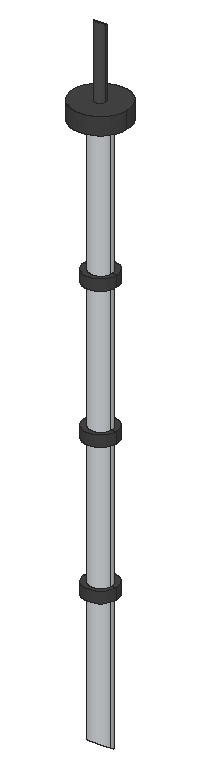
Revit family
Parameters (values of type "25mm")
  built-in parameter 1008623 [instance] = 32.47°
  built-in parameter 1008625 [instance] = (empty or 0)
  Post = no
  built-in parameter 1008624 [instance] = 32.47°
  난간동자 재료 = none
  built-in parameter 1008622 [instance] = 762 mm
Reference planes
  plane 1 "중심 F/B": y = 0
  plane 2: z = 0
  plane 3 "중심 L/R": x = 0
  plane 4 "상단": z = 762
  plane 5 "상단 절단 각도": through (0, 345.134, 542.379) normal (0, -0.5369, -0.8437)
  plane 6: z = 862
  plane 7: z = 660.4
  plane 8: z = 495.3
  plane 9: z = 330.2
  plane 10: z = 165.1
  plane 11: z = 680.4
  plane 12: z = -100
  plane 13 "하단 절단 각도": through (0, 0, 0) normal (0, -0.5369, -0.8437)
  plane 14: y = 50
  plane 15: x = 50
  plane 16: y = -50
  plane 17: x = -50
Forms (mm)
  Extrusion 1, solid, material <- "난간동자 재료"
    sketch origin (0, 0, 0) x (1, 0, 0) y (0, 1, 0)
      loop
        circle (0, 0) r 12.7
    from -100 to 660.4
  Extrusion 2, solid, material "금속 - 크롬"
    sketch origin (0, 0, 0) x (1, 0, 0) y (0, 1, 0)
      loop
        circle (0, 0) r 6.04
    from 680.4 to 862
  Extrusion 3, solid, material "검은색 - 광택"
    sketch origin (0, 0, 0) x (1, 0, 0) y (0, 1, 0)
      loop
        circle (0, 0) r 31.75
    from 660.4 to 680.4
  Revolve 4, solid, material "검은색 - 광택"
    sketch origin (0, 0, 0) x (1, 0, 0) y (0, 0, 1)
      loop
        line (-12.7, 501.65) -> (-19.05, 501.65) -> (-19.05, 488.95) -> (-12.7, 488.95) -> (-12.7, 501.65)
      loop
        line (-12.7, 336.55) -> (-19.05, 336.55) -> (-19.05, 323.85) -> (-12.7, 323.85) -> (-12.7, 336.55)
      loop
        line (-12.7, 171.45) -> (-19.05, 171.45) -> (-19.05, 158.75) -> (-12.7, 158.75) -> (-12.7, 171.45)
      axis (0, 158.75) -> (0, 501.65)
    angle from 0 to 360
  Extrusion 5, void
    sketch origin (0, 0, 0) x (0, 1, 0) y (0, 0, 1)
      loop
        line (-50, 862) -> (-50, 793.817) -> (50, 730.183) -> (50, 862) -> (-50, 862)
    from -50 to 50
  Extrusion 6, void
    sketch origin (0, 0, 0) x (0, 1, 0) y (0, 0, 1)
      loop
        line (-50, 31.817) -> (-50, -100) -> (50, -100) -> (50, -31.817) -> (-50, 31.817)
    from -50 to 50
Cuts and joins
  Extrusion 5, Extrusion 6 cuts Extrusion 1
  Extrusion 5, Extrusion 6 cuts Extrusion 2
  Extrusion 5, Extrusion 6 cuts Extrusion 3
  Extrusion 5, Extrusion 6 cuts Revolve 4
Dimensions and locks
  "built-in parameter 1008622": plane 2 to plane 4 "상단"
  locked: plane 4 "상단" to plane 6 at 100
  locked: plane 4 "상단" to plane 7 at 101.6
  equal spacing: plane 7, plane 8, plane 9, plane 10, plane 2
  locked: plane 11 to plane 7 at 20
  Revolve 4 sketch curve to plane 8 to Revolve 4 sketch curve = 6.35 mm locked, 6.35 mm locked
  Revolve 4 sketch curve to plane 9 to Revolve 4 sketch curve = 6.35 mm locked, 6.35 mm locked
  Revolve 4 sketch curve to plane 10 to Revolve 4 sketch curve = 6.35 mm locked, 6.35 mm locked
  locked: plane 12 to level at 100
  locked: plane 17 to plane 3 "중심 L/R" at 50
  locked: plane 3 "중심 L/R" to plane 15 at 50
  locked: plane 1 "중심 F/B" to plane 14 at 50
  locked: plane 16 to plane 1 "중심 F/B" at 50
  "built-in parameter 1008623": angle plane 4 "상단" to plane 5 "상단 절단 각도"
  "built-in parameter 1008624": angle level to plane 13 "하단 절단 각도"
  aligned and locked: Extrusion 2 to plane 6
  aligned and locked: plane 11 to Extrusion 3
  aligned and locked: Extrusion 2 to plane 11
  aligned and locked: Extrusion 3 to plane 7
  aligned and locked: plane 7 to Extrusion 1
  aligned and locked: plane 12 to Extrusion 1
  aligned and locked: Extrusion 5 sketch curve to plane 6
  aligned and locked: plane 16 to Extrusion 5 sketch curve
  aligned and locked: Extrusion 5 sketch curve to plane 14
  aligned and locked: plane 5 "상단 절단 각도" to Extrusion 5 sketch curve
  aligned and locked: plane 17 to Extrusion 5
  aligned and locked: Extrusion 5 to plane 15
  aligned and locked: plane 16 to Extrusion 6 sketch curve
  aligned and locked: plane 12 to Extrusion 6 sketch curve
  aligned and locked: Extrusion 6 sketch curve to plane 14
  aligned and locked: Extrusion 6 sketch curve to plane 13 "하단 절단 각도"
  aligned and locked: plane 17 to Extrusion 6
  aligned and locked: Extrusion 6 to plane 15
Automatic sketch dimensions
  Extrusion 1 sketch curve to plane 1 "중심 F/B" = 0 mm
  Extrusion 1 sketch curve to plane 3 "중심 L/R" = 0 mm
  Extrusion 1 sketch curve to plane 3 "중심 L/R" = 12.7 mm
  Extrusion 2 sketch curve to plane 1 "중심 F/B" = 0 mm
  Extrusion 2 sketch curve to plane 3 "중심 L/R" = 0 mm
  Extrusion 2 sketch curve to plane 3 "중심 L/R" = 6.04 mm
  Extrusion 3 sketch curve to plane 1 "중심 F/B" = 0 mm
  Extrusion 3 sketch curve to plane 3 "중심 L/R" = 0 mm
  Extrusion 3 sketch curve to plane 3 "중심 L/R" = 31.75 mm
  Revolve 4 sketch curve to plane 3 "중심 L/R" = 0 mm
  Revolve 4 sketch curve to plane 3 "중심 L/R" = 19.05 mm  (x3)
  Revolve 4 sketch curve to Revolve 4 sketch curve = 6.35 mm  (x3)
  Revolve 4 sketch curve to Revolve 4 sketch curve = 11.803 mm
  Revolve 4 sketch curve to Revolve 4 sketch curve = 35.621 mm
